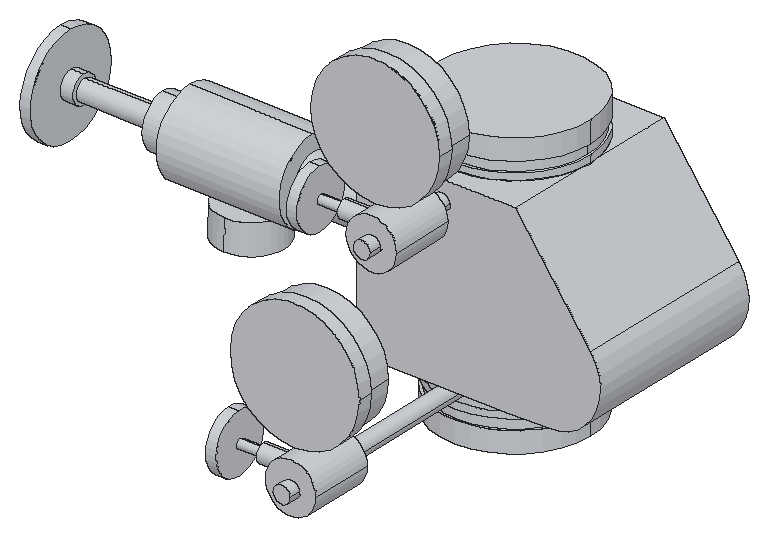
Revit family
Reference planes (in)
  plane 1 "Center (Front/Back)": y = 0
  plane 2: z = 0
  plane 3 "Center (Left/Right)": x = 0
Dimensions and locks (in)
  aligned and locked: plane 2 to level
Nested families (in)
  nested 1: "4RC" at (0, 1.55533, 0), type "RASCO MODEL G RISER CHECK W/ TRIM"
Connectors (in)
  piping at (0.00264, 0.01865, 8.437)
    settings: on nested 1, index 1, connector radius 2 1/4", flow factor 0, pipe flow 0 GPM, pressure drop 0.00 psi, fitting loss kfactor 0, connector angle 0.00°, fixture units 0, flow configuration 0, flow direction 0, fitting loss method 0, system type 7, connector reference index -1, connector utility 0, adjustable connector no, is connector primary yes, fitting loss table "", connector description ""
  piping at (0, 0.00877, 0)
    settings: on nested 1, index 2, connector radius 2 1/4", flow factor 0, pipe flow 0 GPM, pressure drop 0.00 psi, fitting loss kfactor 0, connector angle 0.00°, fixture units 0, flow configuration 0, flow direction 0, fitting loss method 0, system type 7, connector reference index -1, connector utility 0, adjustable connector no, is connector primary no, fitting loss table "", connector description ""
  piping at (-7.8652, 0.00877, 1.80393)
    settings: on nested 1, index 3, connector radius 1", flow factor 0, pipe flow 0 GPM, pressure drop 0.00 psi, fitting loss kfactor 0, connector angle 0.00°, fixture units 0, flow configuration 0, flow direction 0, fitting loss method 0, system type 7, connector reference index -1, connector utility 0, adjustable connector no, is connector primary no, fitting loss table "", connector description ""
Definition of nested family "4RC"
  Reference planes (in)
    plane 1 "Center (Front/Back)": y = 0
    plane 2: z = 0
    plane 3 "Center (Left/Right)": x = 0
    plane 4 "ref.2": z = 0.62514
    plane 5: z = 7.125
    plane 6 "name": y = -3.125
    plane 7 "REF3": z = 0.93714
    plane 8: x = -13.56
  Forms (in)
    Sweep 1, solid
      path origin (-0.38743, 0, 0.07409) x (1, 0, 0) y (0, 0, 1)
        loop
          line (-5.70882, 3.88231) -> (-2.36529, 3.88231) -> (-2.27852, 3.88231)
      profile origin (-4.42449, 0, 3.9564) x (0, 0, 1) y (0, -1, 0)
        loop
          circle (0, 1.53553) r 0.75
    Sweep 2, solid
      path origin (0, -2.42163, 1.22657) x (0, 1, 0) y (0, 0, 1)
        loop
          line (-1.82106, 5.45912) -> (-4.82106, 5.45912)
      profile origin (0, -5.74269, 6.68569) x (0, 0, -1) y (1, 0, 0)
        loop
          circle (0, 0) r 0.25
    Sweep 3, solid
      path origin (0, -2.34847, 0.02874) x (0, 1, 0) y (0, 0, 1)
        loop
          line (-7.88786, 1.36957) -> (-1.38786, 1.36957)
      profile origin (0, -6.98634, 1.39832) x (0, 0, 1) y (1, 0, 0)
        loop
          circle (0.06652, 0) r 0.25
  Dimensions and locks (in)
    aligned and locked: plane 2 to level
  Nested families (in)
    nested 1: "Angle valve2" at (-10, -1.54656, 1.29366), type "RASCO Valve, Angle , 1 1/4""
    nested 2: "Gauge" at (0, -5.54663, 3.19522), type "RASCO Gauge"
    nested 3: "Gauge" at (0, -8.55354, -1.99865), type "RASCO Gauge"
    nested 4: "Globe Valve2" at (0.21925, -9.30354, 0.22095), type "RASCO Globe Valve"
    nested 5: "Globe Valve2" at (0.21946, -6.29663, 5.42493), type "RASCO Globe Valve"
    nested 6: "4in Model G RISER Valve" at (0, -1.54656, 0), type "4in Model G RISER Valve"
  Definition of nested family "Angle valve2"
    Parameters (values of type "RASCO Valve, Angle , 1 1/4"")
      Assembly Code = ""
    Reference planes (in)
      plane 1 "Center (Front/Back)": y = 0
      plane 2: z = 0
      plane 3 "Center (Left/Right)": x = 0
      plane 4 "ref.2": z = 4.346
      plane 5 "ref.3": z = 6.346
      plane 6 "ref.4": z = 8.166
      plane 7 "ref.5": z = 8.566
      plane 8 "ref. side": x = 1.57537
    Forms (in)
      Extrusion 1, solid
        sketch origin (5.08313, 0, 2.63157) x (-0.00712, 0, -0.999975) y (0, -1, 0)
          loop
            circle (0, 0) r 1.25
        from 1.10297 to 4.76608
      Extrusion 2, solid
        sketch origin (0.31715, 0, 2.66197) x (0.00712, 0, 0.999975) y (0, 1, 0)
          loop
            circle (0, 0) r 0.77644
        from 0 to 0.804
      Extrusion 3, solid
        sketch origin (-0.96692, 0, 2.65669) x (0.00712, 0, 0.999975) y (0, 1, 0)
          loop
            circle (0, 0) r 0.3125
        from -0.48 to 1.87297
      Extrusion 4, solid
        sketch origin (-2.83984, 0, 2.67182) x (0.00712, 0, 0.999975) y (0, 1, 0)
          loop
            circle (0, 0) r 0.4125
        from 0 to 0.4
      Extrusion 5, solid
        sketch origin (-3.24009, 0, 2.63833) x (0, -1, 0) y (0.00712, 0, 0.999975)
          loop
            circle (0, 0) r 1.5
        from 0 to 0.3
      Extrusion 6, solid
        sketch origin (4.60938, 0, 1.41268) x (-0.999975, 0, 0.00712) y (0, 1, 0)
          loop
            circle (2.4681, 0) r 1
        from 0.01319 to 0.92
    Dimensions and locks (in)
      Extrusion 5 to Extrusion 1 = 0' - 7.52008"
      aligned and locked: plane 2 to level
  Definition of nested family "Gauge"
    Reference planes (in)
      plane 1 "Center (Front/Back)": y = 0
      plane 2: z = 0
      plane 3 "Center (Left/Right)": x = 0
      plane 4: z = 7.47962
      plane 5 "ref.2": y = -0.425
      plane 6 "ref.3": z = 5.65212
      plane 7 "refdt": y = -1.191
    Forms (in)
      Extrusion 1, solid
        sketch origin (0, -1.191, -1.051) x (-1, 0, 0) y (0, 0, 1)
          loop
            circle (0, 7.47962) r 1.9225
        from 0 to 0.425
      Extrusion 2, solid
        sketch origin (0, -0.766, -1.051) x (0, 0, 1) y (1, 0, 0)
          loop
            circle (7.47962, 0) r 1.8275
        from 0 to 0.766
      Extrusion 3, solid
        sketch origin (0, -1.191, 4.60112) x (1, 0, 0) y (0, 1, 0)
          loop
            circle (0, 0.80101) r 0.2725
        from 0 to -1.146
    Lines and regions (in)
      model lines
        curve 1: arc (-1.6525, -1.191, 6.42862) -> (0, -1.191, 8.08112) -> (1.6525, -1.191, 6.42862) r 1.6525
        curve 2: arc (-1.4775, -1.191, 6.42862) -> (0, -1.191, 7.90612) -> (1.4775, -1.191, 6.42862) r 1.4775
        curve 3: line (-1.6525, -1.191, 6.42862) -> (-1.4775, -1.191, 6.42862)
        curve 4: line (1.4775, -1.191, 6.42862) -> (1.6525, -1.191, 6.42862)
        curve 5: line (-0.53387, -1.191, 6.23266) -> (0.86594, -1.191, 7.32631)
        curve 6: line (0.86594, -1.191, 7.32631) -> (-0.38079, -1.191, 6.07958)
        curve 7: line (-0.38079, -1.191, 6.07958) -> (-0.53387, -1.191, 6.23266)
    Dimensions and locks (in)
      aligned and locked: plane 2 to level
  Definition of nested family "Globe Valve2"
    Parameters (values of type "RASCO Globe Valve")
      Assembly Code = ""
    Reference planes (in)
      plane 1 "Center (Front/Back)": y = 0
      plane 2: z = 0
      plane 3 "Center (Left/Right)": x = 0
      plane 4 "ref. side": x = -0.5
      plane 5 "ref. side2": x = -1.734
      plane 6 "ref. side 4": x = -2.763
    Forms (in)
      Extrusion 1, solid
        sketch origin (-0.22225, -0.51301, 1.26951) x (1, 0, 0) y (0, 0, -1)
          loop
            circle (0, 0) r 0.75
        from -0.07961 to 1.82121
      Extrusion 2, solid
        sketch origin (-1.77701, -0.51016, 1.24486) x (0, 1, 0) y (0, 0, 1)
          loop
            circle (0.86289, 0) r 0.265
        from -0.00766 to 1.234
      Extrusion 3, solid
        sketch origin (-1.78467, -0.49129, 1.24486) x (0, -1, 0) y (0, 0, 1)
          loop
            circle (-0.85773, 0) r 0.135
        from 0 to 1.029
      Extrusion 4, solid
        sketch origin (-2.81367, -0.49129, 1.24486) x (0, 1, 0) y (0, 0, 1)
          loop
            circle (0.85138, 0) r 0.87523
        from 0 to 0.3
    Dimensions and locks (in)
      aligned and locked: plane 2 to level
  Definition of nested family "4in Model G RISER Valve"
    Reference planes (in)
      plane 1 "Center (Front/Back)": y = 0
      plane 2: z = 0
      plane 3 "Center (Left/Right)": x = 0
      plane 4 "ref.2": z = 0.62514
      plane 5: z = 8.437
      plane 6 "name": y = -3.125
      plane 7 "REF3": z = 0.93714
    Forms (in)
      Extrusion 1, solid
        sketch origin (0, 0, 0) x (1, 0, 0) y (0, 1, 0)
          loop
            circle (0, 0) r 2.25
        from 0 to 0.625
      Extrusion 2, solid
        sketch origin (0, 0, 0.62514) x (-1, 0, 0) y (0, -1, 0)
          loop
            circle (0, 0) r 2.25
        from 0.512 to 6.67486
      Extrusion 3, solid
        sketch origin (0, 0, 0) x (0, 1, 0) y (0, 0, 1)
          loop
            circle (0, 3.937) r 1.5
        from 0 to -3.01684
      Extrusion 4, solid
        sketch origin (0, 0, -0.01919) x (-1, 0, 0) y (0, 0, -1)
          loop
            line (-4.46071, -4.24972) -> (-2.23203, -7.31919) -> (2.5, -7.31919) -> (2.5, -1.76919) -> (-2.062, -1.76919) -> (-3.19634, -1.76919)
            arc (-3.19634, -1.76919) -> (-4.58843, -2.62212) -> (-4.46071, -4.24972) r 1.5625
        from -2.74627 to 2.75
      Extrusion 5, solid
        sketch origin (0, 0, 0.62514) x (-1, 0, 0) y (0, -1, 0)
          loop
            circle (0, 0) r 2.167
        from 0 to 0.312
      Extrusion 6, solid
        sketch origin (0, 0, 0.93714) x (-1, 0, 0) y (0, -1, 0)
          loop
            circle (0, 0) r 2.25
        from 0 to 0.2
      Extrusion 7, solid
        sketch origin (0.00264, 0.00987, 7.812) x (0, 1, 0) y (-1, 0, 0)
          loop
            circle (0, 0) r 2.25
        from 0 to 0.625
      Extrusion 8, solid
        sketch origin (0.00083, 0.00987, 7.5) x (0, -1, 0) y (1, 0, 0)
          loop
            circle (0, 0) r 2.167
        from 0 to 0.312
      Extrusion 9, solid
        sketch origin (0, 0.00987, 7.3) x (0, -1, 0) y (1, 0, 0)
          loop
            circle (0, 0) r 2.25
        from 0 to 0.2
    Dimensions and locks (in)
      level to plane 5 = 0' - 8.437"
      aligned and locked: plane 2 to level
